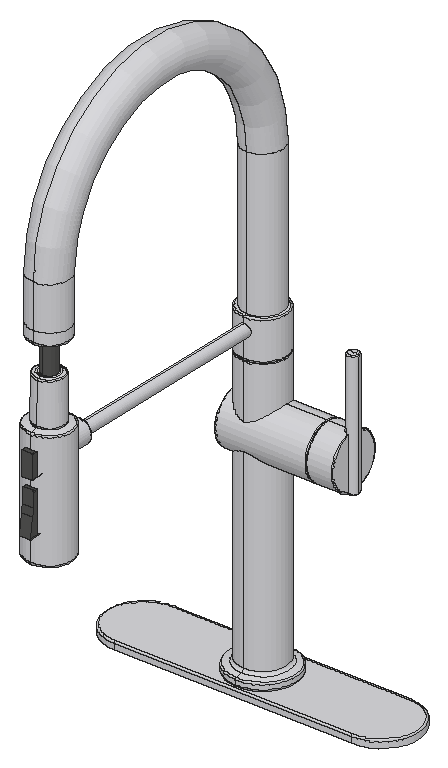
Revit family "Faucet-Kitchen-KOHLER-Crue-K-22973", category Plumbing Fixtures, host Face, Revit 2017
Family settings
  Host = Face
  Round Connector Dimension = Use Diameter
  Part Type = Normal
  OmniClass Number = 23.31.11.00
  OmniClass Title = Faucets
  Cut with Voids When Loaded = No
  Shared = No
  Room Calculation Point = No
Parameters (values of type "CP-Polished Chrome")
  Width [instance] = if(Escutcheon Plate, 10 1/2", 2 1/4")  # 10 1/2"
  WaterSense Certified = 1 = 0  # no
  Waste Water Outlet = "Waste Water Outlet"  # constant formula
  Waste Connection = 1 = 0  # no
  Vent Connection = 1 = 0  # no
  URL = "https://www.us.kohler.com/us/"
  Type = 1
  Thickness [instance] = if(Escutcheon Plate, 2 1/2", 2 1/4")  # 2 1/2"
  Spout Reach = 9"  # constant formula
  Product Page URL = "http://www.us.kohler.com/us/catalog/productDetails.jsp?productId=22973"
  Product Name = "Crue"  # constant formula
  Product Documentation Link = "https://www.us.kohler.com/webassets/kpna/catalog/pdf/en/K-22973_spec_US-CA_Kohler_en.pdf"
  Pressure = 60.00 psi  # constant formula
  Model = if(Type = 1, "K-22973-CP", if(Type = 2, "K-22973-VS", if(Type = 3, "K-22973-BL", if(Type = 4, "K-22973-2MB", "NA"))))  # "K-22973-CP"
  Material = "Premium Metal Construction"  # constant formula
  Master Format 2014 Name = "Residential Faucets, Supplies, and Trim"  # constant formula
  Master Format 2014 = "22 41 39"  # constant formula
  Manufacturer Address = "444 Highland Dr, Kohler, WI 53044"  # constant formula
  Manufacturer = "KOHLER Co."  # constant formula
  Length = Spout Reach  # 9"
  Hot Water Inlet = "Hot Water Inlet"  # constant formula
  Height [instance] = if(Escutcheon Plate, 21 3/8", 21 1/8")  # 21 3/8"
  Handle Clearance = 3 3/16"  # constant formula
  HW Connection = 1 = 1  # yes
  Flow Rate = 1.5 GPM  # constant formula
  Finish = Kohler-Metal-CP-Polished_Chrome
  Escutcheon Plate [instance] = yes
  Environmental Product Declaration = ""
  Drain Included = 1 = 0  # no
  Description = "Pull-down single-handle semiprofessional kitchen faucet"  # constant formula
  Default Elevation = 36"
  Declare Label = ""
  Date Modified = "06/26/2020"  # constant formula
  Date Created = "06/26/2020"  # constant formula
  Copyright = "Copyright KOHLER Co."  # constant formula
  Contact Us = "https://www.us.kohler.com/us/static/contact.jsp"
  Cold Water Inlet = "Cold Water Inlet"  # constant formula
  CW Connection = 1 = 1  # yes
  Assembly Code = "D2010"
  ADA Compliant = 1 = 1  # yes
Reference planes (in)
  plane 1 "Center (Front/Back)": y = 0
  plane 2: z = 0
  plane 3 "Center (Left/Right)": x = 0
  plane 4: x = -0.66394
  plane 5: x = 0.66394
  plane 6: y = -9
  plane 7: x = -5.25
  plane 8: x = 5.25
  plane 9: y = 1.25
  plane 10: y = -1.25
  plane 11: z = 0
  plane 12: x = 3.24109
  plane 13: x = -0.89043
  plane 14: y = -0.90799
  plane 15: y = 0.90799
  plane 16: z = 0
  plane 17: z = 21.375
  plane 18: z = 7.6875
  plane 19: z = 10.9375
  plane 20: z = 7.75
Dimensions and locks (in)
  "Spout Reach": plane 1 "Center (Front/Back)" to plane 6
  "Width": plane 7 to plane 8
  equal spacing: plane 7, plane 3 "Center (Left/Right)", plane 8
  "Thickness": plane 10 to plane 9
  equal spacing: plane 10, plane 1 "Center (Front/Back)", plane 9
  "Height": level to plane 17
  "Handle Clearance": plane 19 to plane 20
  plane 17 to plane 19 to plane 18 = 10 7/16" locked, 3 1/4" locked
  aligned and locked: plane 2 to host face
  aligned and locked: level to host face
  aligned and locked: plane 3 "Center (Left/Right)" to nested 1
  aligned and locked: plane 1 "Center (Front/Back)" to nested 1
  aligned and locked: plane 17 to nested 1
Automatic sketch dimensions
  host sketch curve to host sketch curve = 96"  (x2)
Nested families (in)
  nested 1: "K-22973" at (0, 0, 0), type "K-22973"
  nested 2: "K-22973_Plate" at (0, 0, 0), type "K-22973_Plate"
Connectors (in)
  piping at (-0.43272, 0, 0), diameter 0.375, driven by "Flow Rate", driven by "Pressure", driven by "HW Connection", driven by "Hot Water Inlet"
    settings: on nested 2, index 1, connector inside diameter 24", connector length 0", flow factor 0, pipe flow 1.5 GPM, pressure drop 60.00 psi, fitting loss kfactor 0, connector angle 0.00°, fixture units 0, engagement length 0", angle of deflection 0.00°, flow configuration 1, flow direction 1, fitting loss method 4, system type 19, joint type 0, gender type 0, connector reference index -1, connector utility 1, adjustable connector no, is connector primary yes, connector description "Hot Water Inlet"
  piping at (0.43272, 0, 0), diameter 0.375, driven by "Flow Rate", driven by "Pressure", driven by "CW Connection", driven by "Cold Water Inlet"
    settings: on nested 2, index 2, connector inside diameter 24", connector length 0", flow factor 0, pipe flow 1.5 GPM, pressure drop 60.00 psi, fitting loss kfactor 0, connector angle 0.00°, fixture units 0, engagement length 0", angle of deflection 0.00°, flow configuration 1, flow direction 1, fitting loss method 4, system type 20, joint type 0, gender type 0, connector reference index -1, connector utility 1, adjustable connector no, is connector primary no, connector description "Cold Water Inlet"
Definition of nested family "K-22973"
  Parameters (values of type "K-22973")
    Material = none
  Reference planes (in)
    plane 1 "Center (Front/Back)": y = 0
    plane 2: z = 0
    plane 3 "Center (Left/Right)": x = 0
    plane 4: x = -5.25
    plane 5: x = 5.25
    plane 6: y = 1.25
    plane 7: y = -1.25
    plane 8: z = 21.375
    plane 9: y = -9
    plane 10: z = 7.6875
    plane 11: z = 10.9375
    plane 12: z = 7.75
    plane 13: x = 4.5625
    plane 14: z = 10.8659
    plane 15: x = -0.66394
    plane 16: z = 10.8659
    plane 17: z = 16.28776
    plane 18: x = -1.125
    plane 19: x = 1.125
    plane 20: x = 0.66394
    plane 21: y = 1.125
    plane 22: y = -1.125
    plane 23: z = 0.25
    plane 24: x = 3.24109
  Forms (in)
    Revolve 1, solid, material <- "Material", detail levels medium+fine
      sketch origin (0, 0, 0) x (0, 1, 0) y (0, 0, 1)
        loop
          line (0, 11.31739) -> (0, 0.25) -> (1.09115, 0.25)
          arc (1.09115, 0.25) -> (1.11509, 0.25991) -> (1.125, 0.28385) r 0.03385
          line (1.125, 0.28385) -> (1.125, 0.44629)
          arc (1.125, 0.44629) -> (1.11505, 0.47569) -> (1.0893, 0.49302) r 0.04844
          line (1.0893, 0.49302) -> (0.87356, 0.55184)
          arc (0.87356, 0.55184) -> (0.81068, 0.59415) -> (0.78639, 0.66595) r 0.11828
          line (0.78639, 0.66595) -> (0.78639, 9.93823)
          arc (0.78639, 9.93823) -> (0.77933, 9.95527) -> (0.7623, 9.96232) r 0.02409
          line (0.7623, 9.96232) -> (0.68502, 9.96232) -> (0.65774, 9.97807) -> (0.76339, 9.97807)
          arc (0.76339, 9.97807) -> (0.77965, 9.98481) -> (0.78639, 10.00107) r 0.023
          line (0.78639, 10.00107) -> (0.78639, 11.26)
          arc (0.78639, 11.26) -> (0.77718, 11.28565) -> (0.75377, 11.29958) r 0.04032
          line (0.75377, 11.29958) -> (0.66215, 11.31739) -> (0, 11.31739)
        axis (0, 0.25) -> (0, 11.31739)
      angle from 0 to 360
    Revolve 2, solid, material <- "Material", detail levels medium+fine
      sketch origin (0, 0, 0) x (0, 1, 0) y (0, 0, 1)
        loop
          line (-9, 13.24874) -> (-9, 7.75) -> (-8.26371, 7.75)
          arc (-8.26371, 7.75) -> (-8.24432, 7.75803) -> (-8.23629, 7.77742) r 0.02742
          line (-8.23629, 7.77742) -> (-8.23629, 11.65688)
          arc (-8.23629, 11.65688) -> (-8.2438, 11.6787) -> (-8.26316, 11.69127) r 0.03544
          line (-8.26316, 11.69127) -> (-8.48656, 11.74697) -> (-8.53333, 11.74697)
          arc (-8.53333, 11.74697) -> (-8.51002, 11.75668) -> (-8.50051, 11.78008) r 0.03282
          line (-8.50051, 11.78008) -> (-8.51299, 13.18853)
          arc (-8.51299, 13.18853) -> (-8.51889, 13.20553) -> (-8.53387, 13.2155) r 0.02818
          line (-8.53387, 13.2155) -> (-8.63294, 13.24204)
          arc (-8.63294, 13.24204) -> (-8.65817, 13.24706) -> (-8.68383, 13.24874) r 0.19664
          line (-8.68383, 13.24874) -> (-9, 13.24874)
        axis (-9, 13.24874) -> (-9, 7.75)
      angle from 0 to 360
    Revolve 3, solid, material <- "Material", detail levels medium+fine
      sketch origin (0, 0, 0) x (1, 0, 0) y (0, 0, 1)
        loop
          line (2.18323, 8.51057) -> (2.18323, 8.54372)
          arc (2.18323, 8.54372) -> (2.17722, 8.55823) -> (2.1627, 8.56424) r 0.02052
          line (2.1627, 8.56424) -> (-0.86266, 8.56424)
          arc (-0.86266, 8.56424) -> (-0.8823, 8.55611) -> (-0.89043, 8.53647) r 0.02777
          line (-0.89043, 8.53647) -> (-0.89043, 7.65625) -> (3.07291, 7.65625) -> (3.07291, 8.54057)
          arc (3.07291, 8.54057) -> (3.06598, 8.55731) -> (3.04924, 8.56424) r 0.02367
          line (3.04924, 8.56424) -> (2.22648, 8.56424)
          arc (2.22648, 8.56424) -> (2.20986, 8.55735) -> (2.20297, 8.54073) r 0.02352
          line (2.20297, 8.54073) -> (2.20297, 8.48491) -> (2.18323, 8.51057)
        axis (-0.89043, 7.65625) -> (3.07291, 7.65625)
      angle from 0 to 360
    Revolve 4, void
      sketch origin (0, 0, 0) x (1, 0, 0) y (0, 0, 1)
        loop
          line (3.07291, 8.59252) -> (2.84057, 8.59252) -> (2.84057, 6.58004) -> (3.07291, 6.58004) -> (3.07291, 8.59252)
        axis (3.07291, 8.59252) -> (3.07291, 6.58004)
      angle from 0 to 360
    Revolve 5, solid, material <- "Material", detail levels medium+fine
      sketch origin (0, 0, 0) x (1, 0, 0) y (0, 0, 1)
        loop
          line (3.05465, 6.69101) -> (3.05465, 10.9375)
          arc (3.05465, 10.9375) -> (2.97168, 10.93247) -> (2.88993, 10.91744) r 0.6862
          arc (2.88993, 10.91744) -> (2.87371, 10.90694) -> (2.86742, 10.88868) r 0.02963
          line (2.86742, 10.88868) -> (2.86742, 6.73983)
          arc (2.86742, 6.73983) -> (2.87371, 6.72157) -> (2.88993, 6.71107) r 0.02963
          arc (2.88993, 6.71107) -> (2.97168, 6.69605) -> (3.05465, 6.69101) r 0.6862
        axis (3.05465, 10.9375) -> (3.05465, 6.69101)
      angle from 0 to 360
    Revolve 6, solid, material <- "Material", detail levels medium+fine
      sketch origin (0, 0, 0) x (0, 1, 0) y (0, 0, 1)
        loop
          line (-0.49518, 10.8659) -> (-0.49518, 11.06791) -> (-7.55737, 11.06791)
          arc (-7.55737, 11.06791) -> (-7.62177, 11.08821) -> (-7.66288, 11.14178) r 0.11228
          line (-7.66288, 11.14178) -> (-7.69635, 11.23376)
          arc (-7.69635, 11.23376) -> (-7.71068, 11.25243) -> (-7.73311, 11.2595) r 0.03912
          line (-7.73311, 11.2595) -> (-8.4988, 11.2595)
          arc (-8.4988, 11.2595) -> (-8.51467, 11.25465) -> (-8.52513, 11.24176) r 0.02841
          arc (-8.52513, 11.24176) -> (-8.57991, 11.05737) -> (-8.5984, 10.8659) r 1.00074
          line (-8.5984, 10.8659) -> (-0.49518, 10.8659)
        axis (-0.49518, 10.8659) -> (-8.5984, 10.8659)
      angle from 0 to 360
    Sweep 7, solid, material <- "Material", detail levels medium+fine
      path origin (0, 0, 0) x (0, 1, 0) y (0, 0, 1)
        loop
          line (0, 11.31739) -> (0, 16.21875)
          arc (0, 16.21875) -> (-4.5, 20.71875) -> (-9, 16.21875) r 4.5
          line (-9, 16.21875) -> (-9, 14.75446)
      profile origin (0, 0, 11.31739) x (1, 0, 0) y (0, 1, 0)
        loop
          circle (0, 0) r 0.66215
    Extrusion 8, solid, detail levels medium+fine
      sketch origin (0, 0, 0) x (1, 0, 0) y (0, 0, 1)
        loop
          line (0.15458, 11.20681) -> (-0.15566, 11.20681)
          arc (-0.15566, 11.20681) -> (-0.17938, 11.19699) -> (-0.1892, 11.17327) r 0.03354
          line (-0.1892, 11.17327) -> (-0.1892, 10.43789)
          arc (-0.1892, 10.43789) -> (-0.17917, 10.41369) -> (-0.15497, 10.40366) r 0.03423
          line (-0.15497, 10.40366) -> (0.15767, 10.40366)
          arc (0.15767, 10.40366) -> (0.17996, 10.4129) -> (0.1892, 10.43519) r 0.03153
          line (0.1892, 10.43519) -> (0.1892, 11.17219)
          arc (0.1892, 11.17219) -> (0.17906, 11.19667) -> (0.15458, 11.20681) r 0.03462
      from 9.50144 to 9.92011
    Extrusion 9, solid, detail levels medium+fine
      sketch origin (0, 0, 0) x (1, 0, 0) y (0, 0, 1)
        loop
          line (0.15587, 10.0885) -> (-0.15524, 10.0885)
          arc (-0.15524, 10.0885) -> (-0.17933, 10.07852) -> (-0.18931, 10.05443) r 0.03407
          line (-0.18931, 10.05443) -> (-0.18942, 8.66986)
          arc (-0.18942, 8.66986) -> (-0.18087, 8.64923) -> (-0.16024, 8.64068) r 0.02917
          line (-0.16024, 8.64068) -> (0.15786, 8.64068)
          arc (0.15786, 8.64068) -> (0.18017, 8.64992) -> (0.18942, 8.67224) r 0.03156
          line (0.18942, 8.67224) -> (0.18931, 10.05506)
          arc (0.18931, 10.05506) -> (0.17951, 10.0787) -> (0.15587, 10.0885) r 0.03344
      from 9.07463 to 10.16766
    Extrusion 10, void
      sketch origin (0, 0, 0) x (0, 1, 0) y (0, 0, 1)
        loop
          line (-9.89263, 10.15432) -> (-10.29359, 10.15432) -> (-10.29359, 8.41828) -> (-10.02396, 8.41828) -> (-9.90944, 9.30113)
          arc (-9.90944, 9.30113) -> (-9.89684, 9.43096) -> (-9.89263, 9.56134) r 2.02276
          line (-9.89263, 9.56134) -> (-9.89263, 10.15432)
      from -0.7164 to 1.11742
    Revolve 11, solid, material <- "Material", detail levels medium+fine
      sketch origin (0, 0, 0) x (0, 1, 0) y (0, 0, 1)
        loop
          line (-8.33785, 14.75446) -> (-9, 14.75446) -> (-9, 14.35288) -> (-8.36725, 14.35288)
          arc (-8.36725, 14.35288) -> (-8.34646, 14.36149) -> (-8.33785, 14.38228) r 0.0294
          line (-8.33785, 14.38228) -> (-8.33785, 14.75446)
        axis (-9, 14.35288) -> (-9, 14.75446)
      angle from 0 to 360
    Revolve 12, solid, detail levels medium+fine
      sketch origin (0, 0, 0) x (0, 1, 0) y (0, 0, 1)
        loop
          line (-9, 13.24874) -> (-8.74382, 13.24874) -> (-8.74382, 14.35288) -> (-9, 14.35288) -> (-9, 13.24874)
        axis (-9, 13.24874) -> (-9, 14.35288)
      angle from 0 to 360
    Extrusion 13, solid, detail levels medium+fine
      sketch origin (0, 0, 0) x (1, 0, 0) y (0, 1, 0)
        loop
          circle (-0.13392, -9.50144) r 0.05287
        loop
          circle (-0.2556, -9.45821) r 0.05287
        loop
          circle (-0.36101, -9.37591) r 0.05287
        loop
          circle (-0.44118, -9.27703) r 0.05287
        loop
          circle (-0.49821, -9.13685) r 0.05287
        loop
          circle (-0.00391, -9.52333) r 0.05287
        loop
          circle (0.13392, -9.50144) r 0.05287
        loop
          circle (0.2556, -9.45821) r 0.05287
        loop
          circle (0.36101, -9.37591) r 0.05287
        loop
          circle (0.44118, -9.27703) r 0.05287
        loop
          circle (0.49821, -9.13685) r 0.05287
        loop
          circle (-0.13392, -8.49856) r 0.05287
        loop
          circle (-0.2556, -8.54179) r 0.05287
        loop
          circle (-0.36101, -8.62409) r 0.05287
        loop
          circle (-0.44118, -8.72297) r 0.05287
        loop
          circle (-0.49821, -8.86315) r 0.05287
        loop
          circle (-0.00391, -8.47667) r 0.05287
        loop
          circle (0.13392, -8.49856) r 0.05287
        loop
          circle (0.2556, -8.54179) r 0.05287
        loop
          circle (0.36101, -8.62409) r 0.05287
        loop
          circle (0.44118, -8.72297) r 0.05287
        loop
          circle (0.49821, -8.86315) r 0.05287
        loop
          circle (-0.51344, -9) r 0.05469
        loop
          circle (0.51344, -9) r 0.05469
      from 7.6875 to 7.81044
    Revolve 14, solid, material <- "Material", detail levels coarse
      sketch origin (0, 0, 0) x (0, 1, 0) y (0, 0, 1)
        loop
          line (0, 11.31739) -> (0, 0.25) -> (1.11742, 0.25) -> (1.11742, 0.55208) -> (0.78644, 0.55208) -> (0.78644, 11.31739) -> (0, 11.31739)
        axis (0, 11.31739) -> (0, 0.25)
      angle from 0 to 360
    Sweep 15, solid, material <- "Material", detail levels coarse
      path origin (0, 0, 0) x (0, 1, 0) y (0, 0, 1)
        loop
          line (0, 11.31739) -> (0, 16.22526)
          arc (0, 16.22526) -> (-4.5, 20.72526) -> (-9, 16.22526) r 4.5
          line (-9, 16.22526) -> (-9, 14.35288)
      profile origin (0, 0, 11.31739) x (1, 0, 0) y (0, 1, 0)
        loop
          circle (0, 0) r 0.78644
    Revolve 16, solid, material <- "Material", detail levels coarse
      sketch origin (0, 0, 0) x (0, 1, 0) y (0, 0, 1)
        loop
          line (-8.23633, 7.6875) -> (-8.23633, 11.74697) -> (-8.5002, 11.74697) -> (-8.51402, 13.24874) -> (-9, 13.24874) -> (-9, 7.6875) -> (-8.23633, 7.6875)
        axis (-9, 13.24874) -> (-9, 7.6875)
      angle from 0 to 360
    Revolve 17, solid, material <- "Material", detail levels coarse
      sketch origin (0, 0, 0) x (0, 1, 0) y (0, 0, 1)
        loop
          line (-7.63588, 10.66389) -> (-0.18727, 10.66389) -> (-0.18727, 10.8659) -> (-9, 10.8659) -> (-9, 10.47251) -> (-7.70554, 10.47251) -> (-7.63588, 10.66389)
        axis (-0.18727, 10.8659) -> (-9, 10.8659)
      angle from 0 to 360
    Revolve 18, solid, material <- "Material", detail levels coarse
      sketch origin (0, 0, 0) x (1, 0, 0) y (0, 0, 1)
        loop
          line (2.16228, 8.56424) -> (-0.89049, 8.56424) -> (-0.89049, 7.65625) -> (3.07291, 7.65625) -> (3.07291, 8.56424) -> (2.16228, 8.56424)
        axis (-0.89049, 7.65625) -> (3.07291, 7.65625)
      angle from 0 to 360
    Extrusion 19, solid, material <- "Material", detail levels coarse
      sketch origin (0, 0, 0) x (1, 0, 0) y (0, 1, 0)
        loop
          circle (3.05427, 0) r 0.18683
      from 6.68954 to 10.9375
    Extrusion 20, solid, detail levels coarse
      sketch origin (0, 0, 0) x (1, 0, 0) y (0, 1, 0)
        loop
          circle (0, -9) r 0.25618
      from 13.24874 to 14.35288
  Cuts and joins
    Revolve 4 cuts Revolve 3
    joined: Revolve 1, Revolve 2, Revolve 3, Revolve 5, Revolve 6, Sweep 7, Revolve 11
    Extrusion 10 cuts Extrusion 9
    joined: Revolve 14, Revolve 16, Revolve 17, Revolve 18, Extrusion 19
  Lines and regions (in)
    Masking region 1
      outline origin (0, 0, 0) x (0, 1, 0) y (0, 0, 1)
        loop
          line (0.78644, 11.25574) -> (0.78644, 10.00139)
          arc (0.78644, 10.00139) -> (0.77961, 9.9849) -> (0.76312, 9.97807) r 0.02332
          line (0.76312, 9.97807) -> (0.65774, 9.97807) -> (0.68502, 9.96232) -> (0.76184, 9.96232)
          arc (0.76184, 9.96232) -> (0.77923, 9.95512) -> (0.78644, 9.93772) r 0.0246
          line (0.78644, 9.93772) -> (0.78644, 8.11008)
          arc (0.78644, 8.11008) -> (0.90799, 7.65625) -> (0.78644, 7.20242) r 0.90799
          line (0.78644, 7.20242) -> (0.78644, 0.66534)
          arc (0.78644, 0.66534) -> (0.81052, 0.5941) -> (0.87289, 0.55208) r 0.11741
          line (0.87289, 0.55208) -> (1.09048, 0.49261)
          arc (1.09048, 0.49261) -> (1.11538, 0.47584) -> (1.125, 0.44739) r 0.04688
          line (1.125, 0.44739) -> (1.125, 0.28516)
          arc (1.125, 0.28516) -> (1.1147, 0.2603) -> (1.08984, 0.25) r 0.03516
          line (1.08984, 0.25) -> (-1.08984, 0.25)
          arc (-1.08984, 0.25) -> (-1.1147, 0.2603) -> (-1.125, 0.28516) r 0.03516
          line (-1.125, 0.28516) -> (-1.125, 0.44739)
          arc (-1.125, 0.44739) -> (-1.11538, 0.47584) -> (-1.09048, 0.49261) r 0.04688
          line (-1.09048, 0.49261) -> (-0.87289, 0.55208)
          arc (-0.87289, 0.55208) -> (-0.81052, 0.5941) -> (-0.78644, 0.66534) r 0.11741
          line (-0.78644, 0.66534) -> (-0.78644, 7.20242)
          arc (-0.78644, 7.20242) -> (-0.90799, 7.65625) -> (-0.78644, 8.11008) r 0.90799
          line (-0.78644, 8.11008) -> (-0.78644, 9.93772)
          arc (-0.78644, 9.93772) -> (-0.77923, 9.95512) -> (-0.76184, 9.96232) r 0.0246
          line (-0.76184, 9.96232) -> (-0.68502, 9.96232) -> (-0.65774, 9.97807) -> (-0.76312, 9.97807)
          arc (-0.76312, 9.97807) -> (-0.77961, 9.9849) -> (-0.78644, 10.00139) r 0.02332
          line (-0.78644, 10.00139) -> (-0.78644, 10.66389) -> (-7.55664, 10.66389)
          arc (-7.55664, 10.66389) -> (-7.62155, 10.64343) -> (-7.66298, 10.58944) r 0.11316
          line (-7.66298, 10.58944) -> (-7.69594, 10.49888)
          arc (-7.69594, 10.49888) -> (-7.71061, 10.47976) -> (-7.7336, 10.47251) r 0.04009
          line (-7.7336, 10.47251) -> (-8.23633, 10.47251) -> (-8.23633, 7.77717)
          arc (-8.23633, 7.77717) -> (-8.24429, 7.75796) -> (-8.2635, 7.75) r 0.02717
          line (-8.2635, 7.75) -> (-8.42369, 7.75) -> (-8.42369, 7.6875) -> (-8.51576, 7.6875) -> (-8.51576, 7.75) -> (-8.5965, 7.75) -> (-8.5965, 7.6875) -> (-8.6718, 7.6875) -> (-8.6718, 7.75) -> (-8.74918, 7.75) -> (-8.74918, 7.6875) -> (-8.82672, 7.6875) -> (-8.82672, 7.75) -> (-8.89698, 7.75) -> (-8.89698, 7.6875) -> (-8.95541, 7.6875) -> (-8.95541, 7.75) -> (-9.04849, 7.75) -> (-9.04849, 7.6875) -> (-9.11865, 7.6875) -> (-9.11865, 7.75) -> (-9.1889, 7.75) -> (-9.1889, 7.6875) -> (-9.25863, 7.6875) -> (-9.25863, 7.75) -> (-9.3282, 7.75) -> (-9.3282, 7.6875) -> (-9.4035, 7.6875) -> (-9.4035, 7.75) -> (-9.47252, 7.75) -> (-9.47252, 7.6875) -> (-9.57631, 7.6875) -> (-9.57631, 7.75) -> (-9.7365, 7.75)
          arc (-9.7365, 7.75) -> (-9.75571, 7.75796) -> (-9.76367, 7.77717) r 0.02717
          line (-9.76367, 7.77717) -> (-9.76367, 8.64068) -> (-9.99511, 8.64068) -> (-9.90944, 9.30113)
          arc (-9.90944, 9.30113) -> (-9.89684, 9.43096) -> (-9.89263, 9.56134) r 2.02276
          line (-9.89263, 9.56134) -> (-9.89263, 10.0885) -> (-9.76452, 10.0885) -> (-9.76452, 10.40366) -> (-9.92011, 10.40366) -> (-9.92011, 11.20681) -> (-9.76452, 11.20681) -> (-9.76452, 11.65469)
          arc (-9.76452, 11.65469) -> (-9.75646, 11.67808) -> (-9.73572, 11.69155) r 0.03799
          line (-9.73572, 11.69155) -> (-9.51344, 11.74697) -> (-9.46708, 11.74697)
          arc (-9.46708, 11.74697) -> (-9.49011, 11.75657) -> (-9.4995, 11.77969) r 0.03242
          line (-9.4995, 11.77969) -> (-9.48654, 13.1885)
          arc (-9.48654, 13.1885) -> (-9.48055, 13.20575) -> (-9.46535, 13.21585) r 0.02859
          line (-9.46535, 13.21585) -> (-9.37002, 13.2414)
          arc (-9.37002, 13.2414) -> (-9.34237, 13.2469) -> (-9.31424, 13.24874) r 0.21552
          line (-9.31424, 13.24874) -> (-9.25618, 13.24874) -> (-9.25618, 14.35288) -> (-9.63308, 14.35288)
          arc (-9.63308, 14.35288) -> (-9.65361, 14.36138) -> (-9.66211, 14.38191) r 0.02903
          line (-9.66211, 14.38191) -> (-9.66211, 16.31987)
          arc (-9.66211, 16.31987) -> (-8.11259, 19.90074) -> (-4.50008, 21.375) r 5.16316
          arc (-4.50008, 21.375) -> (-0.86335, 19.87654) -> (0.66215, 16.25107) r 5.16237
          line (0.66215, 16.25107) -> (0.66215, 11.31739) -> (0.75354, 11.29962)
          arc (0.75354, 11.29962) -> (0.77716, 11.28558) -> (0.78644, 11.25972) r 0.04065
        loop
          line (-0.78644, 11.06791) -> (-0.78644, 11.25972)
          arc (-0.78644, 11.25972) -> (-0.77716, 11.28558) -> (-0.75354, 11.29962) r 0.04065
          line (-0.75354, 11.29962) -> (-0.66215, 11.31739) -> (-0.66215, 16.21736)
          arc (-0.66215, 16.21736) -> (-4.48324, 20.05527) -> (-8.33789, 16.25107) r 3.83794
          line (-8.33789, 16.25107) -> (-8.33789, 14.38191)
          arc (-8.33789, 14.38191) -> (-8.34639, 14.36138) -> (-8.36692, 14.35288) r 0.02903
          line (-8.36692, 14.35288) -> (-8.74382, 14.35288) -> (-8.74382, 13.24874) -> (-8.68576, 13.24874)
          arc (-8.68576, 13.24874) -> (-8.65763, 13.2469) -> (-8.62998, 13.2414) r 0.21552
          line (-8.62998, 13.2414) -> (-8.53465, 13.21585)
          arc (-8.53465, 13.21585) -> (-8.51945, 13.20575) -> (-8.51346, 13.1885) r 0.02859
          line (-8.51346, 13.1885) -> (-8.5005, 11.77969)
          arc (-8.5005, 11.77969) -> (-8.50989, 11.75657) -> (-8.53292, 11.74697) r 0.03242
          line (-8.53292, 11.74697) -> (-8.48656, 11.74697) -> (-8.26428, 11.69155)
          arc (-8.26428, 11.69155) -> (-8.24123, 11.67478) -> (-8.23633, 11.64669) r 0.03799
          line (-8.23633, 11.64669) -> (-8.23633, 11.25929) -> (-7.7336, 11.25929)
          arc (-7.7336, 11.25929) -> (-7.71061, 11.25204) -> (-7.69594, 11.23291) r 0.04009
          line (-7.69594, 11.23291) -> (-7.66298, 11.14236)
          arc (-7.66298, 11.14236) -> (-7.62155, 11.08837) -> (-7.55664, 11.06791) r 0.11316
          line (-7.55664, 11.06791) -> (-0.78644, 11.06791)
    Masking region 2
      outline origin (0, 0, 0) x (1, 0, 0) y (0, 1, 0)
        loop
          line (-0.66394, -1.25) -> (-0.66394, -8.62498)
          arc (-0.66394, -8.62498) -> (-0.70147, -9.29898) -> (-0.18927, -9.73867) r 0.76253
          line (-0.18927, -9.73867) -> (-0.18942, -9.99511) -> (0.18942, -9.99511) -> (0.18927, -9.73867)
          arc (0.18927, -9.73867) -> (0.70147, -9.29898) -> (0.66394, -8.62498) r 0.76253
          line (0.66394, -8.62498) -> (0.66394, -1.25) -> (0.66394, -0.90801) -> (2.16342, -0.90801)
          arc (2.16342, -0.90801) -> (2.17743, -0.90221) -> (2.18323, -0.8882) r 0.01981
          line (2.18323, -0.8882) -> (2.18323, -0.85549) -> (2.20297, -0.8273) -> (2.20297, -0.88367)
          arc (2.20297, -0.88367) -> (2.2101, -0.90088) -> (2.22731, -0.90801) r 0.02434
          line (2.22731, -0.90801) -> (3.04647, -0.90801)
          arc (3.04647, -0.90801) -> (3.06517, -0.90027) -> (3.07291, -0.88156) r 0.02645
          line (3.07291, -0.88156) -> (3.07291, -0.1859)
          arc (3.07291, -0.1859) -> (3.19281, -0.12534) -> (3.24109, 0) r 0.18683
          arc (3.24109, 0) -> (3.19281, 0.12534) -> (3.07291, 0.1859) r 0.18683
          line (3.07291, 0.1859) -> (3.07291, 0.88156)
          arc (3.07291, 0.88156) -> (3.06517, 0.90027) -> (3.04647, 0.90801) r 0.02645
          line (3.04647, 0.90801) -> (2.22731, 0.90801)
          arc (2.22731, 0.90801) -> (2.2101, 0.90088) -> (2.20297, 0.88367) r 0.02434
          line (2.20297, 0.88367) -> (2.20297, 0.8273) -> (2.18323, 0.85549) -> (2.18323, 0.8882)
          arc (2.18323, 0.8882) -> (2.17743, 0.90221) -> (2.16342, 0.90801) r 0.01981
          line (2.16342, 0.90801) -> (0.65126, 0.90801)
          arc (0.65126, 0.90801) -> (0.34323, 1.06933) -> (0, 1.125) r 1.08584
          arc (0, 1.125) -> (-0.34323, 1.06933) -> (-0.65126, 0.90801) r 1.08584
          line (-0.65126, 0.90801) -> (-0.86024, 0.90801)
          arc (-0.86024, 0.90801) -> (-0.88159, 0.89917) -> (-0.89043, 0.87782) r 0.03019
          line (-0.89043, 0.87782) -> (-0.89049, 0.67502)
          arc (-0.89049, 0.67502) -> (-1.0647, 0.3573) -> (-1.125, 0) r 1.08876
          arc (-1.125, 0) -> (-1.0647, -0.3573) -> (-0.89049, -0.67502) r 1.08876
          line (-0.89049, -0.67502) -> (-0.89049, -0.87782)
          arc (-0.89049, -0.87782) -> (-0.88159, -0.89917) -> (-0.86024, -0.90801) r 0.03019
          line (-0.86024, -0.90801) -> (-0.66394, -0.90801) -> (-0.66394, -1.25)
    Masking region 3
      outline origin (0, 0, 0) x (1, 0, 0) y (0, 0, 1)
        loop
          arc (-1.09054, 0.49287) -> (-1.1154, 0.47616) -> (-1.125, 0.44778) r 0.04673
          line (-1.125, 0.44778) -> (-1.125, 0.28523)
          arc (-1.125, 0.28523) -> (-1.11468, 0.26032) -> (-1.08977, 0.25) r 0.03523
          line (-1.08977, 0.25) -> (1.08984, 0.25)
          arc (1.08984, 0.25) -> (1.1147, 0.2603) -> (1.125, 0.28516) r 0.03516
          line (1.125, 0.28516) -> (1.125, 0.44778)
          arc (1.125, 0.44778) -> (1.1154, 0.47616) -> (1.09054, 0.49287) r 0.04673
          line (1.09054, 0.49287) -> (0.87391, 0.55179)
          arc (0.87391, 0.55179) -> (0.8108, 0.59422) -> (0.78642, 0.66626) r 0.11863
          line (0.78642, 0.66626) -> (0.78642, 6.74826) -> (2.16228, 6.74826)
          arc (2.16228, 6.74826) -> (2.17709, 6.75439) -> (2.18323, 6.7692) r 0.02094
          line (2.18323, 6.7692) -> (2.18323, 6.80193) -> (2.20297, 6.82759) -> (2.20297, 6.77128)
          arc (2.20297, 6.77128) -> (2.20971, 6.755) -> (2.22599, 6.74826) r 0.02302
          line (2.22599, 6.74826) -> (2.86683, 6.74826)
          arc (2.86683, 6.74826) -> (2.86764, 6.72722) -> (2.88393, 6.71389) r 0.02564
          arc (2.88393, 6.71389) -> (3.0519, 6.69124) -> (3.22008, 6.71232) r 0.6571
          arc (3.22008, 6.71232) -> (3.23464, 6.72155) -> (3.24109, 6.73754) r 0.02816
          line (3.24109, 6.73754) -> (3.24109, 10.88699)
          arc (3.24109, 10.88699) -> (3.2274, 10.90592) -> (3.20848, 10.91961) r 0.07378
          arc (3.20848, 10.91961) -> (3.13105, 10.93301) -> (3.05259, 10.9375) r 0.68817
          arc (3.05259, 10.9375) -> (2.97414, 10.93301) -> (2.89671, 10.91961) r 0.68817
          arc (2.89671, 10.91961) -> (2.87521, 10.90601) -> (2.86683, 10.88199) r 0.03863
          line (2.86683, 10.88199) -> (2.86683, 8.56424) -> (2.22599, 8.56424)
          arc (2.22599, 8.56424) -> (2.20971, 8.5575) -> (2.20297, 8.54122) r 0.02302
          line (2.20297, 8.54122) -> (2.20297, 8.48491) -> (2.18323, 8.51057) -> (2.18323, 8.5433)
          arc (2.18323, 8.5433) -> (2.17709, 8.55811) -> (2.16228, 8.56424) r 0.02094
          line (2.16228, 8.56424) -> (0.78639, 8.56424) -> (0.78639, 9.94999)
          arc (0.78639, 9.94999) -> (0.78028, 9.96475) -> (0.76552, 9.97086) r 0.02087
          arc (0.76552, 9.97086) -> (0.78028, 9.97698) -> (0.78639, 9.99174) r 0.02087
          line (0.78639, 9.99174) -> (0.78639, 11.26465)
          arc (0.78639, 11.26465) -> (0.78011, 11.28389) -> (0.76368, 11.29572) r 0.0326
          line (0.76368, 11.29572) -> (0.76368, 11.65214)
          arc (0.76368, 11.65214) -> (0.75524, 11.67703) -> (0.73338, 11.69163) r 0.04088
          line (0.73338, 11.69163) -> (0.66394, 11.71023) -> (0.66394, 20.77771)
          arc (0.66394, 20.77771) -> (0.44653, 21.2037) -> (0, 21.375) r 0.66766
          arc (0, 21.375) -> (-0.44653, 21.2037) -> (-0.66394, 20.77771) r 0.66766
          line (-0.66394, 20.77771) -> (-0.66394, 11.71023) -> (-0.73338, 11.69163)
          arc (-0.73338, 11.69163) -> (-0.75524, 11.67703) -> (-0.76368, 11.65214) r 0.04088
          line (-0.76368, 11.65214) -> (-0.76368, 11.29572)
          arc (-0.76368, 11.29572) -> (-0.78011, 11.28389) -> (-0.78639, 11.26465) r 0.0326
          line (-0.78639, 11.26465) -> (-0.78639, 9.99174)
          arc (-0.78639, 9.99174) -> (-0.78028, 9.97698) -> (-0.76552, 9.97086) r 0.02087
          arc (-0.76552, 9.97086) -> (-0.78028, 9.96475) -> (-0.78639, 9.94999) r 0.02087
          line (-0.78639, 9.94999) -> (-0.78639, 8.56424) -> (-0.86333, 8.56424)
          arc (-0.86333, 8.56424) -> (-0.88254, 8.55629) -> (-0.89049, 8.53708) r 0.02716
          line (-0.89049, 8.53708) -> (-0.89049, 6.77589)
          arc (-0.89049, 6.77589) -> (-0.8824, 6.75635) -> (-0.86286, 6.74826) r 0.02763
          line (-0.86286, 6.74826) -> (-0.78642, 6.74826) -> (-0.78642, 0.66626)
          arc (-0.78642, 0.66626) -> (-0.8108, 0.59422) -> (-0.87391, 0.55179) r 0.11863
          line (-0.87391, 0.55179) -> (-1.09054, 0.49287)
    symbolic lines, detail levels medium+fine
      curve 1: arc (0, -0.18727, 6.76778) -> (0, -0.90799, 7.65625) -> (0, -0.18727, 8.54472) r 0.90799
      curve 2: arc (0, 0.18727, 8.54472) -> (0, 0.90799, 7.65625) -> (0, 0.18727, 6.76778) r 0.90799
      curve 3: line (0, -0.18727, 6.73843) -> (0, -0.18727, 6.76778)
      curve 4: line (0, 0.18727, 6.74124) -> (0, 0.18727, 6.76778)
      curve 5: arc (0, -0.16553, 10.9175) -> (0, 0.00078, 10.9375) -> (0, 0.16701, 10.91686) r 0.69041
      curve 6: arc (0, -0.18727, 10.88975) -> (0, -0.18119, 10.90738) -> (0, -0.16553, 10.9175) r 0.02858
      curve 7: arc (0, 0.16701, 10.91686) -> (0, 0.18161, 10.90736) -> (0, 0.18727, 10.8909) r 0.02676
      curve 8: arc (0, -0.16644, 6.71173) -> (0, -0.00159, 6.69115) -> (0, 0.16337, 6.71079) r 0.68629
      curve 9: arc (0, -0.16644, 6.71173) -> (0, -0.18145, 6.7215) -> (0, -0.18727, 6.73843) r 0.02752
      curve 10: arc (0, 0.16337, 6.71079) -> (0, 0.18058, 6.72188) -> (0, 0.18727, 6.74124) r 0.03135
      curve 11: line (0, -0.18727, 6.76778) -> (0, -0.18727, 8.54472)
      curve 12: line (0, 0.18727, 6.76778) -> (0, 0.18727, 8.54472)
      curve 13: line (0, -0.18727, 8.54472) -> (0, -0.18727, 10.88975)
      curve 14: line (0, 0.18727, 8.54472) -> (0, 0.18727, 10.8909)
      curve 15: line (0, -0.68502, 9.96232) -> (0, -0.18727, 9.96232)
      curve 16: line (0, -0.65774, 9.97807) -> (0, -0.18727, 9.97807)
      curve 17: line (0, 0.65774, 9.97807) -> (0, 0.18727, 9.97807)
      curve 18: line (0, 0.68502, 9.96232) -> (0, 0.18502, 9.96232)
      curve 19: line (0, -0.66215, 11.31739) -> (0, 0.66215, 11.31739)
      curve 20: arc (0, -0.78644, 10.66389) -> (0, -0.76317, 10.8659) -> (0, -0.78644, 11.06791) r 0.8885
      curve 21: line (0, -9.46708, 11.74697) -> (0, -8.53333, 11.74697)
      curve 22: line (0, -9.76452, 11.20681) -> (0, -9.76452, 10.40366)
      curve 23: line (0, -9.57631, 7.75) -> (0, -8.42369, 7.75)
      curve 24: line (0, -9.76452, 10.0885) -> (0, -9.76452, 8.64059)
      curve 25: line (0, -9.25618, 13.24874) -> (0, -8.74382, 13.24874)
      curve 26: line (0, -9.25618, 14.35288) -> (0, -8.74382, 14.35288)
      curve 27: line (0, -0.66215, 11.41759) -> (0, 0.66215, 11.41759)
      curve 28: line (0, -0.66215, 11.51779) -> (0, 0.66215, 11.51779)
      curve 29: line (0, -0.66215, 11.61798) -> (0, 0.66215, 11.61798)
      curve 30: line (0, -0.66215, 11.71818) -> (0, 0.66215, 11.71818)
      curve 31: line (0, -0.66215, 11.91858) -> (0, 0.66215, 11.91858)
      curve 32: line (0, -0.66215, 11.81838) -> (0, 0.66215, 11.81838)
      curve 33: line (0, -0.66215, 12.51978) -> (0, 0.66215, 12.51978)
      curve 34: line (0, -0.66215, 12.41958) -> (0, 0.66215, 12.41958)
      curve 35: line (0, -0.66215, 12.31938) -> (0, 0.66215, 12.31938)
      curve 36: line (0, -0.66215, 12.21918) -> (0, 0.66215, 12.21918)
      curve 37: line (0, -0.66215, 12.11898) -> (0, 0.66215, 12.11898)
      curve 38: line (0, -0.66215, 12.01878) -> (0, 0.66215, 12.01878)
      curve 39: line (0, -0.66215, 13.32137) -> (0, 0.66215, 13.32137)
      curve 40: line (0, -0.66215, 13.12097) -> (0, 0.66215, 13.12097)
      curve 41: line (0, -0.66215, 13.22117) -> (0, 0.66215, 13.22117)
      curve 42: line (0, -0.66215, 12.61997) -> (0, 0.66215, 12.61997)
      curve 43: line (0, -0.66215, 12.72017) -> (0, 0.66215, 12.72017)
      curve 44: line (0, -0.66215, 12.82037) -> (0, 0.66215, 12.82037)
      curve 45: line (0, -0.66215, 12.92057) -> (0, 0.66215, 12.92057)
      curve 46: line (0, -0.66215, 13.02077) -> (0, 0.66215, 13.02077)
      curve 47: line (0, -0.66215, 13.46969) -> (0, 0.66215, 13.46969)
      curve 48: line (0, -0.66215, 13.61801) -> (0, 0.66215, 13.61801)
      curve 49: line (0, -0.66215, 13.76633) -> (0, 0.66215, 13.76633)
      curve 50: line (0, -0.66215, 14.06296) -> (0, 0.66215, 14.06296)
      curve 51: line (0, -0.66215, 13.91465) -> (0, 0.66215, 13.91465)
      curve 52: line (0, -0.66215, 14.50792) -> (0, 0.66215, 14.50792)
      curve 53: line (0, -0.66215, 14.95288) -> (0, 0.66215, 14.95288)
      curve 54: line (0, -0.66215, 15.39784) -> (0, 0.66215, 15.39784)
      curve 55: line (0, -0.66215, 15.8428) -> (0, 0.66215, 15.8428)
      curve 56: line (0, -0.66215, 16.28776) -> (0, 0.66215, 16.28776)
      curve 57: line (0, -0.68735, 16.65646) -> (0, 0.62767, 16.80953)
      curve 58: line (0, -0.75684, 17.06462) -> (0, 0.49403, 17.5199)
      curve 59: line (0, -0.84454, 17.38643) -> (0, 0.27631, 18.17126)
      curve 60: line (0, -1.68389, 18.82481) -> (0, -1.05562, 20.05786)
      curve 61: line (0, -2.15126, 19.25261) -> (0, -1.54384, 20.44474)
      curve 62: line (0, -2.57877, 19.53975) -> (0, -2.08055, 20.77289)
      curve 63: line (0, -3.11327, 19.81069) -> (0, -2.81506, 21.1024)
      curve 64: line (0, -4.48324, 20.05527) -> (0, -4.48324, 21.37497)
      curve 65: line (0, -1.26899, 18.30297) -> (0, -0.44442, 19.39722)
      curve 66: line (0, -3.84357, 19.99873) -> (0, -3.54962, 21.27198)
      curve 67: line (0, -8.33739, 16.28776) -> (0, -9.66211, 16.28776)
      curve 68: line (0, -8.31222, 16.66177) -> (0, -9.62787, 16.81514)
      curve 69: line (0, -8.24077, 17.07595) -> (0, -9.4918, 17.53129)
      curve 70: line (0, -8.14944, 17.40568) -> (0, -9.26933, 18.18984)
      curve 71: line (0, -7.28259, 18.82481) -> (0, -7.91086, 20.05786)
      curve 72: line (0, -6.81523, 19.25261) -> (0, -7.42264, 20.44474)
      curve 73: line (0, -6.38772, 19.53975) -> (0, -6.88593, 20.77289)
      curve 74: line (0, -5.85321, 19.81069) -> (0, -6.15142, 21.1024)
      curve 75: line (0, -7.71058, 18.32035) -> (0, -8.54231, 19.42409)
      curve 76: line (0, -5.12291, 19.99873) -> (0, -5.41686, 21.27198)
      curve 77: line (0, -9.66211, 16.03776) -> (0, -8.33789, 16.03776)
      curve 78: line (0, -8.33739, 15.78776) -> (0, -9.66211, 15.78776)
      curve 79: line (0, -9.66211, 15.53776) -> (0, -8.33789, 15.53776)
      curve 80: line (0, -9.66211, 15.03776) -> (0, -8.33789, 15.03776)
      curve 81: line (0, -8.33739, 15.28776) -> (0, -9.66211, 15.28776)
      curve 82: line (0, -9.66211, 14.94533) -> (0, -8.33789, 14.94533)
      curve 83: line (0, -9.66211, 14.8529) -> (0, -8.33789, 14.8529)
      curve 84: line (0, -9.66211, 14.76048) -> (0, -8.33789, 14.76048)
      curve 85: line (0, -9.66211, 14.65602) -> (0, -8.33789, 14.65602)
      curve 86: line (0, -9.66211, 14.36672) -> (0, -8.33789, 14.36672)
      curve 87: line (0, -9.66211, 14.45914) -> (0, -8.33789, 14.45914)
      curve 88: line (0, -9.66211, 14.55157) -> (0, -8.33789, 14.55157)
      curve 89: line (0, -1.02654, 17.8496) -> (0, -0.04883, 18.8273)
      curve 90: line (0, -7.96972, 17.85795) -> (0, -8.98692, 18.76653)
      curve 91: line (2.18323, 0.8882, 0) -> (2.18323, 0.85549, 0)
      curve 92: line (2.20297, 0.88367, 0) -> (2.20297, 0.8273, 0)
      curve 93: line (3.04647, 0.90801, 0) -> (2.22731, 0.90801, 0)
      curve 94: line (2.16342, 0.90801, 0) -> (-0.86024, 0.90801, 0)
      curve 95: arc (2.18323, 0.8882, 0) -> (2.17743, 0.90221, 0) -> (2.16342, 0.90801, 0) r 0.01981
      curve 96: arc (2.22731, 0.90801, 0) -> (2.2101, 0.90088, 0) -> (2.20297, 0.88367, 0) r 0.02434
      curve 97: line (2.18323, 0.85549, 0) -> (2.20297, 0.8273, 0)
      curve 98: line (3.07291, 0.1859, 0) -> (3.07291, 0.88156, 0)
      curve 99: circle (3.05427, 0, 0) r 0.18683 normal (0, 0, 1)
      curve 100: arc (3.07291, 0.88156, 0) -> (3.06517, 0.90027, 0) -> (3.04647, 0.90801, 0) r 0.02645
      curve 101: line (-0.89043, 0, 0) -> (-0.89043, 0.87782, 0)
      curve 102: arc (-0.89043, 0.87782, 0) -> (-0.88159, 0.89917, 0) -> (-0.86024, 0.90801, 0) r 0.03019
      curve 103: line (2.18323, -0.8882, 0) -> (2.18323, -0.85549, 0)
      curve 104: line (2.20297, -0.88367, 0) -> (2.20297, -0.8273, 0)
      curve 105: line (3.04647, -0.90801, 0) -> (2.22731, -0.90801, 0)
      curve 106: line (2.16342, -0.90801, 0) -> (0.66394, -0.90801, 0)
      curve 107: arc (2.18323, -0.8882, 0) -> (2.17743, -0.90221, 0) -> (2.16342, -0.90801, 0) r 0.01981
      curve 108: arc (2.22731, -0.90801, 0) -> (2.2101, -0.90088, 0) -> (2.20297, -0.88367, 0) r 0.02434
      curve 109: line (2.18323, -0.85549, 0) -> (2.20297, -0.8273, 0)
      curve 110: arc (3.07291, -0.88156, 0) -> (3.06517, -0.90027, 0) -> (3.04647, -0.90801, 0) r 0.02645
      curve 111: arc (-0.89043, -0.87782, 0) -> (-0.88159, -0.89917, 0) -> (-0.86024, -0.90801, 0) r 0.03019
      curve 112: line (3.07291, -0.88156, 0) -> (3.07291, -0.1859, 0)
      curve 113: line (-0.89043, -0.87782, 0) -> (-0.89043, 0, 0)
      curve 114: line (2.20297, 0.8273, 0) -> (2.20297, -0.8273, 0)
      curve 115: line (2.18323, -0.85549, 0) -> (2.18323, 0.85549, 0)
      curve 116: line (-0.66394, -1.29933, 0) -> (-0.66394, 0, 0)
      curve 117: arc (0.66394, 0, 0) -> (0, 0.66394, 0) -> (-0.66394, 0, 0) r 0.66394
      curve 118: line (-0.66394, -0.90801, 0) -> (-0.86024, -0.90801, 0)
      curve 119: line (0.66394, 0, 0) -> (0.66394, -1.40037, 0)
      curve 120: arc (-0.18927, -9.73867, 0) -> (0, -9.76148, 0) -> (0.18927, -9.73867, 0) r 0.7965
      curve 121: line (-0.66394, -8.62498, 0) -> (-0.66394, -9, 0)
      curve 122: arc (-0.66215, -9, 0) -> (-0.46821, -9.46821, 0) -> (0, -9.66215, 0) r 0.66215
      curve 123: arc (0, -9.66215, 0) -> (0.46821, -9.46821, 0) -> (0.66215, -9, 0) r 0.66215
      curve 124: line (0.66394, -9, 0) -> (0.66394, -8.62498, 0)
      curve 125: arc (-0.66394, 0, 0) -> (0, 0.52733, 0) -> (0.66394, 0, 0) r 0.68163
      curve 126: arc (-0.66394, -0.25, 0) -> (0, 0.27733, 0) -> (0.66394, -0.25, 0) r 0.68163
      curve 127: arc (-0.66394, -0.51517, 0) -> (0, 0.01216, 0) -> (0.66394, -0.51517, 0) r 0.68163
      curve 128: arc (-0.66394, -0.81666, 0) -> (0, -0.28932, 0) -> (0.66394, -0.81666, 0) r 0.68163
      curve 129: arc (-0.66394, -1.1875, 0) -> (0, -0.66017, 0) -> (0.66394, -1.1875, 0) r 0.68163
      curve 130: arc (-0.66394, -1.53001, 0) -> (0, -1.00268, 0) -> (0.66394, -1.53001, 0) r 0.68163
      curve 131: arc (-0.66394, -1.8359, 0) -> (0, -1.30856, 0) -> (0.66394, -1.8359, 0) r 0.68163
      curve 132: arc (0.66394, -2.02675, 0) -> (0, -1.60323, 0) -> (-0.66394, -2.02675, 0) r 0.73218
      curve 133: arc (0.66394, -2.37076, 0) -> (0, -1.94724, 0) -> (-0.66394, -2.37076, 0) r 0.73218
      curve 134: arc (-0.66394, -2.64406, 0) -> (0, -2.33541, 0) -> (0.66394, -2.64406, 0) r 0.86842
      curve 135: arc (-0.66394, -2.98807, 0) -> (0, -2.76509, 0) -> (0.66394, -2.98807, 0) r 1.09998
      curve 136: arc (-0.66394, -3.40801, 0) -> (0, -3.20383, 0) -> (0.66394, -3.40801, 0) r 1.18154
      curve 137: arc (-0.66394, -3.75, 0) -> (0, -3.61556, 0) -> (0.66394, -3.75, 0) r 1.70668
      curve 138: arc (-0.66394, -4.11931, 0) -> (0, -4.04268, 0) -> (0.66394, -4.11931, 0) r 2.91462
      curve 139: line (-0.66394, -4.5, 0) -> (0.66394, -4.5, 0)
      curve 140: arc (0.66394, -9, 0) -> (0, -9.66394, 0) -> (-0.66394, -9, 0) r 0.66394
      curve 141: arc (-0.66394, -9, 0) -> (0, -9.52733, 0) -> (0.66394, -9, 0) r 0.68163
      curve 142: arc (-0.66394, -8.75, 0) -> (0, -9.27733, 0) -> (0.66394, -8.75, 0) r 0.68163
      curve 143: arc (-0.66394, -8.48483, 0) -> (0, -9.01216, 0) -> (0.66394, -8.48483, 0) r 0.68163
      curve 144: arc (-0.66394, -8.18334, 0) -> (0, -8.71068, 0) -> (0.66394, -8.18334, 0) r 0.68163
      curve 145: arc (-0.66394, -7.8125, 0) -> (0, -8.33983, 0) -> (0.66394, -7.8125, 0) r 0.68163
      curve 146: arc (-0.66394, -7.46999, 0) -> (0, -7.99732, 0) -> (0.66394, -7.46999, 0) r 0.68163
      curve 147: arc (-0.66394, -7.1641, 0) -> (0, -7.69144, 0) -> (0.66394, -7.1641, 0) r 0.68163
      curve 148: arc (0.66394, -6.97325, 0) -> (0, -7.39677, 0) -> (-0.66394, -6.97325, 0) r 0.73218
      curve 149: arc (0.66394, -6.62924, 0) -> (0, -7.05276, 0) -> (-0.66394, -6.62924, 0) r 0.73218
      curve 150: arc (-0.66394, -6.35594, 0) -> (0, -6.66459, 0) -> (0.66394, -6.35594, 0) r 0.86842
      curve 151: arc (-0.66394, -6.01193, 0) -> (0, -6.23491, 0) -> (0.66394, -6.01193, 0) r 1.09998
      curve 152: arc (-0.66394, -5.59199, 0) -> (0, -5.79617, 0) -> (0.66394, -5.59199, 0) r 1.18154
      curve 153: arc (-0.66394, -5.25, 0) -> (0, -5.38444, 0) -> (0.66394, -5.25, 0) r 1.70668
      curve 154: arc (-0.66394, -4.88069, 0) -> (0, -4.95732, 0) -> (0.66394, -4.88069, 0) r 2.91462
      curve 155: line (0, 0.78644, 0.66534) -> (0, -0.78644, 0.66534)
      curve 156: line (-0.78687, 0, 0.66534) -> (0.78642, 0, 0.66534)
      curve 157: line (0, 0, 7.20234) -> (-0.78639, 0, 6.74826)
      curve 158: line (0.78639, 0, 6.74826) -> (0, 0, 7.20234)
      curve 159: line (-0.73518, 0, 7.75) -> (0.73518, 0, 7.75)
      curve 160: line (-0.76371, 0, 7.77852) -> (-0.76371, 0, 7.89507)
      curve 161: arc (-0.73518, 0, 7.75) -> (-0.75535, 0, 7.75835) -> (-0.76371, 0, 7.77852) r 0.02852
      curve 162: line (-0.76371, 0, 7.89507) -> (-0.76371, 0, 11.29571)
      curve 163: arc (-0.76371, 0, 11.29571) -> (-0.71417, 0, 11.30873) -> (-0.66394, 0, 11.31874) r 0.85276
      curve 164: line (-0.66394, 0, 11.31874) -> (-0.66394, 0, 11.71023)
      curve 165: line (-0.46579, 0, 11.74697) -> (-0.51344, 0, 11.74697)
      curve 166: line (-0.51344, 0, 11.74697) -> (-0.66394, 0, 11.71023)
      curve 167: line (-0.49948, 0, 11.78096) -> (-0.48707, 0, 13.18878)
      curve 168: arc (-0.46579, 0, 11.74697) -> (-0.48972, 0, 11.75694) -> (-0.49948, 0, 11.78096) r 0.03369
      curve 169: line (0, 0, 13.24874) -> (-0.33306, 0, 13.24874)
      curve 170: arc (-0.33306, 0, 13.24874) -> (-0.40022, 0, 13.23337) -> (-0.46676, 0, 13.21552) r 1.86439
      curve 171: arc (-0.48707, 0, 13.18878) -> (-0.48135, 0, 13.20552) -> (-0.46676, 0, 13.21552) r 0.02808
      curve 172: line (-0.25597, 0, 13.24874) -> (-0.25597, 0, 14.35287)
      curve 173: line (-0.25597, 0, 14.35287) -> (-0.63182, 0, 14.35287)
      curve 174: arc (-0.63182, 0, 14.35287) -> (-0.65346, 0, 14.3612) -> (-0.66394, 0, 14.38188) r 0.03228
      curve 175: line (-0.66215, 0, 14.75446) -> (0.66215, 0, 14.75446)
      curve 176: line (0, 0, 7.20234) -> (0.78639, 0, 6.74826)
      curve 177: line (0.76371, 0, 7.77852) -> (0.76371, 0, 7.89507)
      curve 178: arc (0.73518, 0, 7.75) -> (0.75535, 0, 7.75835) -> (0.76371, 0, 7.77852) r 0.02852
      curve 179: line (0.76371, 0, 7.89507) -> (0.76371, 0, 11.29571)
      curve 180: arc (0.76371, 0, 11.29571) -> (0.71417, 0, 11.30873) -> (0.66394, 0, 11.31874) r 0.85276
      curve 181: line (0.66394, 0, 11.31874) -> (0.66394, 0, 11.71023)
      curve 182: line (0.46579, 0, 11.74697) -> (0.51344, 0, 11.74697)
      curve 183: line (0.51344, 0, 11.74697) -> (0.66394, 0, 11.71023)
      curve 184: line (0.49948, 0, 11.78096) -> (0.48707, 0, 13.18878)
      curve 185: arc (0.46579, 0, 11.74697) -> (0.48972, 0, 11.75694) -> (0.49948, 0, 11.78096) r 0.03369
      curve 186: line (0, 0, 13.24874) -> (0.33306, 0, 13.24874)
      curve 187: arc (0.33306, 0, 13.24874) -> (0.40022, 0, 13.23337) -> (0.46676, 0, 13.21552) r 1.86439
      curve 188: arc (0.48707, 0, 13.18878) -> (0.48135, 0, 13.20552) -> (0.46676, 0, 13.21552) r 0.02808
      curve 189: line (0.25597, 0, 13.24874) -> (0.25597, 0, 14.35287)
      curve 190: line (0.25597, 0, 14.35287) -> (0.63182, 0, 14.35287)
      curve 191: arc (0.63182, 0, 14.35287) -> (0.65346, 0, 14.3612) -> (0.66394, 0, 14.38188) r 0.03228
      curve 192: line (-0.5689, 0, 7.75) -> (-0.5689, 0, 7.68753)
      curve 193: line (-0.5689, 0, 7.68753) -> (-0.49462, 0, 7.68753)
      curve 194: line (-0.49462, 0, 7.68753) -> (-0.49462, 0, 7.75)
      curve 195: line (-0.41453, 0, 7.75) -> (-0.41453, 0, 7.68753)
      curve 196: line (-0.41453, 0, 7.68753) -> (-0.34025, 0, 7.68753)
      curve 197: line (-0.34025, 0, 7.68753) -> (-0.34025, 0, 7.75)
      curve 198: line (-0.29166, 0, 7.75) -> (-0.29166, 0, 7.68753)
      curve 199: line (-0.29166, 0, 7.68753) -> (-0.21739, 0, 7.68753)
      curve 200: line (-0.21739, 0, 7.68753) -> (-0.21739, 0, 7.75)
      curve 201: line (-0.15776, 0, 7.75) -> (-0.15776, 0, 7.68753)
      curve 202: line (-0.15776, 0, 7.68753) -> (-0.08348, 0, 7.68753)
      curve 203: line (-0.08348, 0, 7.68753) -> (-0.08348, 0, 7.75)
      curve 204: line (0.5689, 0, 7.75) -> (0.5689, 0, 7.68753)
      curve 205: line (0.5689, 0, 7.68753) -> (0.49462, 0, 7.68753)
      curve 206: line (0.49462, 0, 7.68753) -> (0.49462, 0, 7.75)
      curve 207: line (0.41453, 0, 7.75) -> (0.41453, 0, 7.68753)
      curve 208: line (0.41453, 0, 7.68753) -> (0.34025, 0, 7.68753)
      curve 209: line (0.34025, 0, 7.68753) -> (0.34025, 0, 7.75)
      curve 210: line (0.29166, 0, 7.75) -> (0.29166, 0, 7.68753)
      curve 211: line (0.29166, 0, 7.68753) -> (0.21739, 0, 7.68753)
      curve 212: line (0.21739, 0, 7.68753) -> (0.21739, 0, 7.75)
      curve 213: line (0.15776, 0, 7.75) -> (0.15776, 0, 7.68753)
      curve 214: line (0.15776, 0, 7.68753) -> (0.08348, 0, 7.68753)
      curve 215: line (0.08348, 0, 7.68753) -> (0.08348, 0, 7.75)
      curve 216: line (-0.03381, 0, 7.75) -> (-0.03381, 0, 7.6875)
      curve 217: line (-0.03381, 0, 7.6875) -> (0.04897, 0, 7.6875)
      curve 218: line (0.04897, 0, 7.6875) -> (0.04897, 0, 7.75)
      curve 219: line (-0.16024, 0, 8.64068) -> (0.15786, 0, 8.64068)
      curve 220: line (-0.18931, 0, 10.05443) -> (-0.18942, 0, 8.66986)
      curve 221: arc (-0.18942, 0, 8.66986) -> (-0.18087, 0, 8.64923) -> (-0.16024, 0, 8.64068) r 0.02917
      curve 222: arc (0.15786, 0, 8.64068) -> (0.18017, 0, 8.64992) -> (0.18942, 0, 8.67224) r 0.03156
      curve 223: line (0.18942, 0, 8.67224) -> (0.18931, 0, 10.05506)
      curve 224: arc (-0.15524, 0, 10.0885) -> (-0.17933, 0, 10.07852) -> (-0.18931, 0, 10.05443) r 0.03407
      curve 225: line (0.15587, 0, 10.0885) -> (-0.15524, 0, 10.0885)
      curve 226: arc (0.18931, 0, 10.05506) -> (0.17951, 0, 10.0787) -> (0.15587, 0, 10.0885) r 0.03344
      curve 227: line (-0.15497, 0, 10.40366) -> (0.15767, 0, 10.40366)
      curve 228: arc (-0.1892, 0, 10.43789) -> (-0.17917, 0, 10.41369) -> (-0.15497, 0, 10.40366) r 0.03423
      curve 229: line (-0.1892, 0, 11.17327) -> (-0.1892, 0, 10.43789)
      curve 230: line (0.1892, 0, 10.43519) -> (0.1892, 0, 11.17219)
      curve 231: arc (0.15767, 0, 10.40366) -> (0.17996, 0, 10.4129) -> (0.1892, 0, 10.43519) r 0.03153
      curve 232: arc (-0.15566, 0, 11.20681) -> (-0.17938, 0, 11.19699) -> (-0.1892, 0, 11.17327) r 0.03354
      curve 233: line (0.15458, 0, 11.20681) -> (-0.15566, 0, 11.20681)
      curve 234: arc (0.1892, 0, 11.17219) -> (0.17906, 0, 11.19667) -> (0.15458, 0, 11.20681) r 0.03462
      curve 235: line (0.66215, 0, 11.31739) -> (-0.66215, 0, 11.31739)
      curve 236: line (0, 0, 11.74697) -> (-0.51344, 0, 11.74697)
      curve 237: line (0.51344, 0, 11.74697) -> (0, 0, 11.74697)
      curve 238: line (0, 0, 14.35288) -> (-0.25618, 0, 14.35288)
      curve 239: line (0.25618, 0, 14.35288) -> (0, 0, 14.35288)
      curve 240: line (2.18323, 0, 6.80193) -> (2.18323, 0, 8.51057)
      curve 241: line (2.20297, 0, 8.48491) -> (2.20297, 0, 6.82759)
      curve 242: line (3.07291, 0, 8.5095) -> (3.07291, 0, 6.803)
      curve 243: spline (3.04718, 0, 6.77817) -> (3.05051, 0, 6.77824) -> (3.0538, 0, 6.77876) -> (3.05699, 0, 6.77972) -> (3.06002, 0, 6.7811) -> (3.06284, 0, 6.78289) -> (3.06539, 0, 6.78503) -> (3.06762, 0, 6.78751) -> (3.0695, 0, 6.79026) -> (3.07099, 0, 6.79324) -> (3.07207, 0, 6.7964) -> (3.07271, 0, 6.79967) -> (3.0729, 0, 6.803)
      curve 244: spline (3.0729, 0, 8.5095) -> (3.07271, 0, 8.51267) -> (3.07212, 0, 8.51579) -> (3.07114, 0, 8.51881) -> (3.06978, 0, 8.52168) -> (3.06806, 0, 8.52435) -> (3.06601, 0, 8.52678) -> (3.06368, 0, 8.52893) -> (3.06108, 0, 8.53076) -> (3.05828, 0, 8.53223) -> (3.05531, 0, 8.53334) -> (3.05222, 0, 8.53405) -> (3.04908, 0, 8.53435)
      curve 245: arc (2.86683, 0, 6.74826) -> (2.95562, 0, 6.77155) -> (3.04718, 0, 6.77817) r 0.49883
      curve 246: arc (3.04908, 0, 8.53435) -> (2.9574, 0, 8.54595) -> (2.86683, 0, 8.56424) r 1.25939
      curve 247: arc (-0.66394, 0, 20.74646) -> (0, 0, 21.19885) -> (0.66394, 0, 20.74646) r 0.7134
      curve 248: arc (-0.66394, 0, 20.6099) -> (0, 0, 21.06229) -> (0.66394, 0, 20.6099) r 0.7134
      curve 249: arc (-0.66394, 0, 20.47746) -> (0, 0, 20.92985) -> (0.66394, 0, 20.47746) r 0.7134
      curve 250: arc (-0.66394, 0, 20.31264) -> (0, 0, 20.76503) -> (0.66394, 0, 20.31264) r 0.7134
      curve 251: arc (-0.66394, 0, 20.14923) -> (0, 0, 20.60162) -> (0.66394, 0, 20.14923) r 0.7134
      curve 252: arc (-0.66394, 0, 19.90264) -> (0, 0, 20.35503) -> (0.66394, 0, 19.90264) r 0.7134
      curve 253: arc (-0.66394, 0, 19.78568) -> (0, 0, 20.1174) -> (0.66394, 0, 19.78568) r 0.8303
      curve 254: arc (-0.66394, 0, 19.5513) -> (0, 0, 19.88302) -> (0.66394, 0, 19.5513) r 0.8303
      curve 255: arc (-0.66394, 0, 19.3013) -> (0, 0, 19.63302) -> (0.66394, 0, 19.3013) r 0.8303
      curve 256: arc (-0.66394, 0, 19.0513) -> (0, 0, 19.38302) -> (0.66394, 0, 19.0513) r 0.8303
      curve 257: arc (-0.66394, 0, 18.74932) -> (0, 0, 19.08104) -> (0.66394, 0, 18.74932) r 0.8303
      curve 258: arc (-0.66394, 0, 18.44654) -> (0, 0, 18.77826) -> (0.66394, 0, 18.44654) r 0.8303
      curve 259: arc (-0.66394, 0, 18.19654) -> (0, 0, 18.52826) -> (0.66394, 0, 18.19654) r 0.8303
      curve 260: arc (-0.66394, 0, 17.94654) -> (0, 0, 18.27826) -> (0.66394, 0, 17.94654) r 0.8303
      curve 261: arc (-0.66394, 0, 17.75217) -> (0, 0, 17.99871) -> (0.66394, 0, 17.75217) r 1.01726
      curve 262: arc (-0.66394, 0, 17.44939) -> (0, 0, 17.69593) -> (0.66394, 0, 17.44939) r 1.01726
      curve 263: arc (-0.66394, 0, 17.19939) -> (0, 0, 17.44593) -> (0.66394, 0, 17.19939) r 1.01726
      curve 264: arc (-0.66394, 0, 16.94939) -> (0, 0, 17.14361) -> (0.66394, 0, 16.94939) r 1.23195
      curve 265: arc (-0.66394, 0, 16.6607) -> (0, 0, 16.78984) -> (0.66394, 0, 16.6607) r 1.77122
      curve 266: arc (-0.66394, 0, 16.3847) -> (0, 0, 16.42867) -> (0.66394, 0, 16.3847) r 5.0344
      curve 267: line (-0.66394, 0, 16.24397) -> (0.66394, 0, 16.24397)
      curve 268: line (-0.66394, 0, 16.09315) -> (0.66394, 0, 16.09315)
      curve 269: line (-0.66394, 0, 15.94233) -> (0.66394, 0, 15.94233)
      curve 270: line (-0.66394, 0, 15.64069) -> (0.66394, 0, 15.64069)
      curve 271: line (-0.66394, 0, 15.79151) -> (0.66394, 0, 15.79151)
      curve 272: line (-0.66394, 0, 15.0374) -> (0.66394, 0, 15.0374)
      curve 273: line (-0.66394, 0, 15.18822) -> (0.66394, 0, 15.18822)
      curve 274: line (-0.66394, 0, 15.33905) -> (0.66394, 0, 15.33905)
      curve 275: line (-0.66394, 0, 15.48987) -> (0.66394, 0, 15.48987)
      curve 276: line (-0.66394, 0, 14.88658) -> (0.66394, 0, 14.88658)
      curve 277: arc (2.84057, 0, 0) -> (2.90862, 0.16429, 0) -> (3.07291, 0.23234, 0) r 0.23234
      curve 278: arc (3.07291, -0.23234, 0) -> (2.90862, -0.16429, 0) -> (2.84057, 0, 0) r 0.23234
      curve 279: line (-0.66394, 0, 14.21425) -> (-0.25597, 0, 14.21425)
      curve 280: line (-0.66394, 0, 14.12337) -> (-0.25597, 0, 14.12337)
      curve 281: line (-0.66394, 0, 14.0325) -> (-0.25597, 0, 14.0325)
      curve 282: line (-0.66394, 0, 13.85075) -> (-0.25597, 0, 13.85075)
      curve 283: line (-0.66394, 0, 13.94163) -> (-0.25597, 0, 13.94163)
      curve 284: line (-0.66394, 0, 13.48725) -> (-0.25597, 0, 13.48725)
      curve 285: line (-0.66394, 0, 13.57813) -> (-0.25597, 0, 13.57813)
      curve 286: line (-0.66394, 0, 13.669) -> (-0.25597, 0, 13.669)
      curve 287: line (-0.66394, 0, 13.75988) -> (-0.25597, 0, 13.75988)
